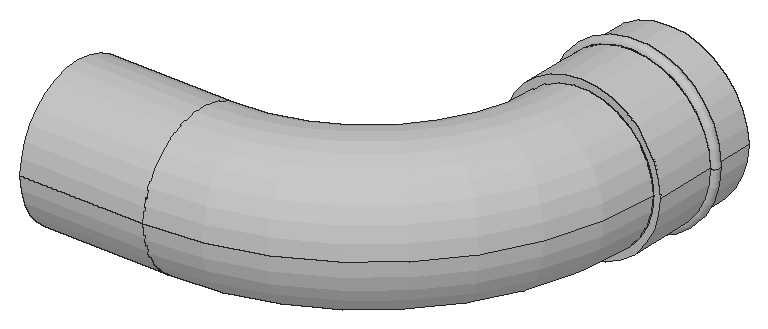
Revit family "Elbow-B-Inox-Conex-15-54mm-PS5001 & PC5040", category Pipe Fittings, Revit 2019
Family settings
  Round Connector Dimension = Use Diameter
  Part Type = Elbow
  OmniClass Number = 23.60.30.11.14
  OmniClass Title = Pipework Fittings
  Work Plane-Based = No
  Always vertical = Yes
  Cut with Voids When Loaded = No
  Shared = No
Parameters (values of type "Standard")
  Z [instance] = size_lookup(Lookup Table Name, "Z", NominalDiameter, NominalDiameter, Angle)  # 79.00 mm
  Weight_KG/Ea [instance] = size_lookup(Lookup Table Name, "WT", 0, NominalDiameter, Angle)  # 0.475
  Uniformat IIElements = "TBC"
  URL = "http://www.conexbanninger.com/search.php?brands_id=34"
  Type Comments = "TBC"
  TickSize [instance] = NominalDiameter  # 54.00 mm
  SerialNumber [instance] = ""
  RingThickness [instance] = if(NominalDiameter < 40.00 mm, 2.00 mm, 4.00 mm)  # 4.00 mm
  RingAlignment [instance] = Z + ((L - Z) * 0.5625)  # 102.063 mm
  ProductCode [instance] = if(and(NominalDiameter = 15.00 mm, Angle = 90.00°), "PS 5001 0150000", if(and(NominalDiameter = 18.00 mm, Angle = 90.00°), "PS 5001 0180000", if(and(NominalDiameter = 22.00 mm, Angle = 90.00°), "PS 5001 0220000", if(and(NominalDiameter = 28.00 mm, Angle = 90.00°), "PS 5001 0280000", if(and(NominalDiameter = 35.00 mm, Angle = 90.00°), "PS 5001 0350000", if(and(NominalDiameter = 42.00 mm, Angle = 90.00°), "PS 5001 0420000", if(and(NominalDiameter = 54.00 mm, Angle = 90.00°), "PS 5001 0540000", if(and(NominalDiameter = 15.00 mm, Angle = 45.00°), "PS 5040 0150000", if(and(NominalDiameter = 18.00 mm, Angle = 45.00°), "PS 5040 0180000", if(and(NominalDiameter = 22.00 mm, Angle = 45.00°), "PS 5040 0220000", if(and(NominalDiameter = 28.00 mm, Angle = 45.00°), "PS 5040 0280000", if(and(NominalDiameter = 35.00 mm, Angle = 45.00°), "PS 5040 0350000", if(and(NominalDiameter = 42.00 mm, Angle = 45.00°), "PS 5040 0420000", if(and(NominalDiameter = 54.00 mm, Angle = 45.00°), "PS 5040 0540000", "ProductCode NA"))))))))))))))  # "PS 5001 0540000"
  OmniclassProducts = "TBC"
  NominalRadius [instance] = NominalDiameter / 2  # 27.00 mm
  NominalDiameter [instance] = 54.00 mm
  NATSPECWorkSection = "TBC"
  ModifiedIssue_ANZRS = 20161226.54  # constant formula
  Model Version = "2015"
  Model Status [instance] = ""
  Model Specification = "BMA"
  Model = "Elbow"  # constant formula
  Material = Stainless Steel AISI 317
  Mark [instance] = ""
  Manufacturer = "Conex | Bänninger"  # constant formula
  Loss Method = K Coefficient from Table
  Lookup Table Name = "Elbow-B-Inox-Conex-15-54mm-PS5001 & PC5040"
  SocketDepth [instance] = L - Z  # 41.00 mm
  L1 [instance] = size_lookup(Lookup Table Name, "L1", 1.5 * NominalDiameter, NominalDiameter, Angle)  # 125.00 mm
  L [instance] = size_lookup(Lookup Table Name, "L", 1.5 * NominalDiameter, NominalDiameter, Angle)  # 120.00 mm
  K Coefficient Table = "Regular 45, 90 and 180 Elbow"
  built-in parameter 1114238 [instance] = not(0.00 mm < size_lookup(Lookup Table Name, "L", 0.00 mm, NominalDiameter, Angle))  # (empty or 0)
  FittingOutsideRadius [instance] = FittingOutsideDiameter / 2  # 29.70 mm
  FittingOutsideDiameter [instance] = NominalDiameter * 1.1  # 59.40 mm
  FittingAngle [instance] = Angle  # 90.00°
  FinalHHWFlow [instance] = 0.0 L/s
  ElbowDiameter [instance] = NominalDiameter  # 54.00 mm
  Description = ">B< Press Inox is a quick and simple to install flame-free fitting, manufactured using high quality hygienic stainless steel materials, suitable for multiple applications."  # constant formula
  CustomFitting [instance] = not(0.00 mm < size_lookup(Lookup Table Name, "L", 0.00 mm, NominalDiameter, Angle))  # no
  CreatedByURL_ANZRS = "http://www.bimmepaus.com.au/"
  CreatedBy = "A2K Technologies"  # constant formula
  ConnectorTolerance = 2.00°
  ConnectorAngle [instance] = 90.00°
  CenterRadius [instance] = Z  # 79.00 mm
  CenterEnd [instance] = CenterRadius * tan(FittingAngle / 2)  # 79.00 mm
  Assembly Code = "D2090800"
  Angle [instance] = if(and(ConnectorAngle < 45.00° + ConnectorTolerance, ConnectorAngle > 45.00° - ConnectorTolerance), 45.00°, if(and(ConnectorAngle < 90.00° + ConnectorTolerance, ConnectorAngle > 90.00° - ConnectorTolerance), 90.00°, if(and(ConnectorAngle < 5.00° + ConnectorTolerance, ConnectorAngle > 5.00° - ConnectorTolerance), 5.00°, if(and(ConnectorAngle < 15.00° + ConnectorTolerance, ConnectorAngle > 15.00° - ConnectorTolerance), 15.00°, if(and(ConnectorAngle < 30.00° + ConnectorTolerance, ConnectorAngle > 30.00° - ConnectorTolerance), 30.00°, if(and(ConnectorAngle < 60.00° + ConnectorTolerance, ConnectorAngle > 60.00° - ConnectorTolerance), 60.00°, ConnectorAngle))))))  # 90.00°
  2DLineLength [instance] = L - SocketDepth  # 79.00 mm
Reference planes
  plane 1 "Center (Front/Back)": y = 0
  plane 2: z = 0
  plane 3 "Center (Left/Right)": x = 0
  plane 4: x = -125
Forms (mm)
  Sweep 1, solid, material "Stainless Steel AISI 317" <- "Material", detail levels fine
    path origin (0, 0, 0) x (1, 0, 0) y (0, 1, 0)
      loop
        line (0, 120) -> (0, 79)
    profile origin (0, 99.5, 0) x (1, 0, 0) y (0, 0, 1)
      loop
        circle (0, 0) r 29.7
  Sweep 2, solid, material "Stainless Steel AISI 317" <- "Material", detail levels fine
    path origin (0, 0, 0) x (1, 0, 0) y (0, 1, 0)
      loop
        line (0, 120) -> (0, 79)
        arc (0, 79) -> (-23.139, 23.139) -> (-79, 0) r 79
        line (-79, 0) -> (-125, 0)
    profile origin (-23.139, 23.139, 0) x (0.707107, -0.707107, 0) y (0, 0, 1)
      loop
        circle (0, 0) r 27
  Revolve 3, solid, material "Stainless Steel AISI 317" <- "Material", detail levels fine
    sketch origin (0, 0, 0) x (1, 0, 0) y (0, 1, 0)
      loop
        line (0, 102.063) -> (0, 106.063) -> (-29.7, 106.063)
        arc (-29.7, 106.063) -> (-31.7, 104.063) -> (-29.7, 102.063) r 2
        line (-29.7, 102.063) -> (0, 102.063)
      axis (0, 102.062) -> (0, 106.063)
    angle from 0 to 360
Lines and regions (mm)
  model lines, detail levels coarse+medium
    curve 1: line (-125, 0, 0) -> (0, 0, 0)
    curve 2: line (-125, 27, 0) -> (-125, -27, 0)
    curve 3: line (0, 0, 0) -> (0, 79, 0)
    curve 4: line (-27, 79, 0) -> (27, 79, 0)
    curve 5: line (27, 79, 0) -> (27, 120, 0)
    curve 6: line (-27, 79, 0) -> (-27, 120, 0)
Dimensions and locks
  "L1": plane 4 to plane 3 "Center (Left/Right)"
  locked: profile plane to Sweep 1 sketch curve at 0
  locked: profile plane to Sweep 1 sketch curve
  "SocketDepth": Sweep 1 sketch curve to Sweep 1 sketch curve
  "CenterEnd": Sweep 2 sketch curve to plane 3 "Center (Left/Right)"
  "CenterRadius": plane 1 "Center (Front/Back)" to Sweep 2 sketch curve
  locked: plane 3 "Center (Left/Right)" to Sweep 2 sketch curve at 0
  plane 3 "Center (Left/Right)" to Sweep 2 sketch curve = 120.00 mm
  "L": curve 1 to Sweep 2 sketch curve
  locked: plane 3 "Center (Left/Right)" to Sweep 1 sketch curve
  "L": plane 3 "Center (Left/Right)" to Sweep 1 sketch curve
  "2DLineLength": curve 1 to curve 4
  locked: curve 1 to curve 3
  equal spacing: curve 5, curve 3, curve 6
  "SocketDepth": curve 6 to curve 6
  "SocketDepth": curve 5 to curve 5
  "TickSize": curve 5 to curve 6
  "RingThickness": Revolve 3 sketch curve to Revolve 3 sketch curve
  "FittingOutsideRadius": Revolve 3 sketch curve to Revolve 3 sketch curve  (x3)
  locked: curve 1 to Revolve 3 sketch curve
  locked: Revolve 3 sketch curve to curve 1 at 0
  "RingAlignment": Revolve 3 sketch curve to curve 3
  equal spacing: curve 2, plane 1 "Center (Front/Back)", curve 2
  "NominalDiameter": curve 2 to curve 2
  "FittingOutsideRadius": radius of Sweep 1 sketch curve
  "CenterRadius": radius of Sweep 2 sketch curve
  "ElbowDiameter": diameter of Sweep 2 sketch curve
  "ConnectorAngle": angle plane 1 "Center (Front/Back)" to Sweep 1 sketch curve
  "ConnectorAngle": angle Sweep 2 sketch curve to Sweep 2 sketch curve
  "ConnectorAngle": angle plane 1 "Center (Front/Back)" to Sweep 2 sketch curve
  "ConnectorAngle": angle plane 1 "Center (Front/Back)" to curve 3
  locked: curve 3 to curve 4 (angle 90.00°)
  "ConnectorAngle": angle plane 1 "Center (Front/Back)" to curve 5
  "ConnectorAngle": angle plane 1 "Center (Front/Back)" to curve 6
  "ConnectorAngle": angle plane 1 "Center (Front/Back)" to Revolve 3 sketch curve  (x2)
  locked: Revolve 3 sketch curve to Revolve 3 sketch curve (angle 90.00°)  (x2)
  aligned and locked: level to plane 2
  aligned and locked: plane 1 "Center (Front/Back)" to curve 1
  aligned and locked: level to Sweep 2 sketch curve
  aligned and locked: plane 4 to Sweep 2 sketch curve
  aligned and locked: curve 2 to plane 4
Automatic sketch dimensions
  plane 1 "Center (Front/Back)" to curve 3 = 0.00 mm
  Sweep 2 sketch curve to profile plane = 0.00 mm
  Revolve 3 sketch curve to plane 1 "Center (Front/Back)" = 6.057 mm
Connectors
  piping at (0, 79, 0), diameter 54, driven by "NominalDiameter", driven by "ConnectorAngle"
    settings: on Sweep 1, index 2, connector inside diameter 609.6 mm, connector length 0.00 mm, flow factor 0, pipe flow 0.0 L/s, pressure drop 0.0 Pa, fitting loss kfactor 0, connector angle 90.00°, fixture units 0, engagement length 0.00 mm, angle of deflection 0.00°, flow configuration 0, flow direction 0, fitting loss method 0, system type 28, joint type 0, gender type 0, connector reference index 3, connector utility 0, adjustable connector yes, is connector primary no, connector description ""
  piping at (-125, 0, 0), diameter 54, driven by "NominalDiameter", driven by "ConnectorAngle"
    settings: on Sweep 2, index 3, connector inside diameter 609.6 mm, connector length 0.00 mm, flow factor 0, pipe flow 0.0 L/s, pressure drop 0.0 Pa, fitting loss kfactor 0, connector angle 90.00°, fixture units 0, engagement length 0.00 mm, angle of deflection 0.00°, flow configuration 0, flow direction 0, fitting loss method 0, system type 28, joint type 0, gender type 0, connector reference index 2, connector utility 0, adjustable connector no, is connector primary yes, connector description ""
